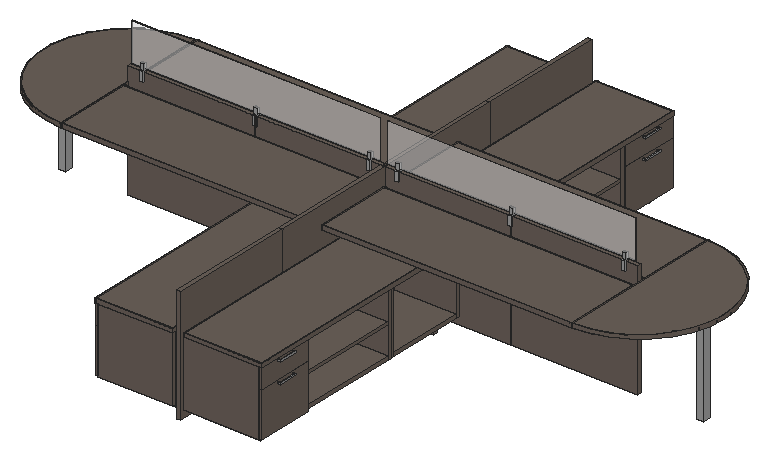
Revit family "STAKS002", category Furniture, Revit 2013 (continued)
Definition of nested family "FIRST OFFICE-STAKS-PEDESTALS-LOW HEIGHT W-I BEAM-16W TO 36W"
  Types (40): name | PARTIAL TOP | OPEN SHELF | OF SHELF | PULL 21 | PULL 22 | PULL 11 | PULL 1 | PULL 2 | PEDESTAL DEPTH | Model | FULL BASE | PARTIAL BASE | FULL TOP | FILE FRONT | Description | PEDESTAL WIDTH | DOOR RIGHT | DOOR LEFT | DIVIDER | TRAY FRONT
    FIRST OFFICE-STAKS-LOW HEIGHT 2-DOOR PED-W-I BEAM 24 X 19 | no | no | no | no | no | yes | no | no | 1' - 7 3/8" | "6-RL2419MPD4" | no | no | no | no | "24 X 19 2 DOOR LOW HEIGHT W-I BEAM PEDESTAL" | 2' - 0" | yes | yes | no | no
    FIRST OFFICE-STAKS-LOW HEIGHT 2-DOOR PED-W-I BEAM 24 X 22 | no | no | no | no | no | yes | no | no | 1' - 9 7/8" | "6-RL2422MPD4" | no | no | no | no | "24 X 22 2 DOOR LOW HEIGHT W-I BEAM PEDESTAL" | 2' - 0" | yes | yes | no | no
    FIRST OFFICE-STAKS-LOW HEIGHT 2-DOOR PED-W-I BEAM 30 X 19 | no | no | no | no | no | yes | no | no | 1' - 7 3/8" | "6-RL3019MPD4" | no | no | no | no | "30 X 19 2 DOOR LOW HEIGHT W-I BEAM PEDESTAL" | 2' - 6" | yes | yes | no | no
    FIRST OFFICE-STAKS-LOW HEIGHT 2-DOOR PED-W-I BEAM 30 X 22 | no | no | no | no | no | yes | no | no | 1' - 9 7/8" | "6-RL3022MPD4" | no | no | no | no | "30 X 22 2 DOOR LOW HEIGHT W-I BEAM PEDESTAL" | 2' - 6" | yes | yes | no | no
    FIRST OFFICE-STAKS-LOW HEIGHT 2-DOOR PED-W-I BEAM 36 X 19 | no | no | no | no | no | yes | no | no | 1' - 7 3/8" | "6-RL3619MPD4" | no | no | no | no | "36 X 19 2 DOOR LOW HEIGHT W-I BEAM PEDESTAL" | 3' - 0" | yes | yes | no | no
    FIRST OFFICE-STAKS-LOW HEIGHT 2-DOOR PED-W-I BEAM 36 X 22 | no | no | no | no | no | yes | no | no | 1' - 9 7/8" | "6-RL3622MPD4" | no | no | no | no | "36 X 22 2 DOOR LOW HEIGHT W-I BEAM PEDESTAL" | 3' - 0" | yes | yes | no | no
    FIRST OFFICE-STAKS-LOW HEIGHT SLIDING DOOR PED-W-I BEAM 24 X 19 | no | no | no | no | no | no | no | no | 1' - 7 3/8" | "6-RL2419MPD5" | no | no | no | no | "24 X 19 SLIDING DOOR LOW HEIGHT W-I BEAM PEDESTAL" | 2' - 0" | no | yes | yes | no
    FIRST OFFICE-STAKS-LOW HEIGHT SLIDING DOOR PED-W-I BEAM 24 X 22 | no | no | no | no | no | no | no | no | 1' - 9 7/8" | "6-RL2422MPD5" | no | no | no | no | "24 X 22 SLIDING DOOR LOW HEIGHT W-I BEAM PEDESTAL" | 2' - 0" | no | yes | yes | no
    FIRST OFFICE-STAKS-LOW HEIGHT SLIDING DOOR PED-W-I BEAM 30 X 19 | no | no | no | no | no | no | no | no | 1' - 7 3/8" | "6-RL3019MPD5" | no | no | no | no | "30 X 19 SLIDING DOOR LOW HEIGHT W-I BEAM PEDESTAL" | 2' - 6" | no | yes | yes | no
    FIRST OFFICE-STAKS-LOW HEIGHT SLIDING DOOR PED-W-I BEAM 30 X 22 | no | no | no | no | no | no | no | no | 1' - 9 7/8" | "6-RL3022MPD5" | no | no | no | no | "30 X 22 SLIDING DOOR LOW HEIGHT W-I BEAM PEDESTAL" | 2' - 6" | no | yes | yes | no
    FIRST OFFICE-STAKS-LOW HEIGHT SLIDING DOOR PED-W-I BEAM 36 X 19 | no | no | no | no | no | no | no | no | 1' - 7 3/8" | "6-RL3619MPD5" | no | no | no | no | "36 X 19 SLIDING DOOR LOW HEIGHT W-I BEAM PEDESTAL" | 3' - 0" | no | yes | yes | no
    FIRST OFFICE-STAKS-LOW HEIGHT SLIDING DOOR PED-W-I BEAM 36 X 22 | no | no | no | no | no | no | no | no | 1' - 9 7/8" | "6-RL3622MPD5" | no | no | no | no | "36 X 22 SLIDING DOOR LOW HEIGHT W-I BEAM PEDESTAL" | 3' - 0" | no | yes | yes | no
    FIRST OFFICE-STAKS-LOW HEIGHT OPEN SHELF PED-W-I BEAM 24 X 19 | yes | yes | no | no | no | no | no | no | 1' - 7 3/8" | "6-RL2419MPD6" | yes | no | no | no | "24 X 19 OPEN SHELF LOW HEIGHT W-I BEAM PEDESTAL" | 2' - 0" | no | no | no | no
    FIRST OFFICE-STAKS-LOW HEIGHT OPEN SHELF PED-W-I BEAM 24 X 21 | yes | yes | no | no | no | no | no | no | 1' - 9 7/8" | "6-RL2421MPD6" | yes | no | no | no | "24 X 21 OPEN SHELF LOW HEIGHT W-I BEAM PEDESTAL" | 2' - 0" | no | no | no | no
    FIRST OFFICE-STAKS-LOW HEIGHT OPEN SHELF PED-W-I BEAM 30 X 19 | yes | yes | no | no | no | no | no | no | 1' - 7 3/8" | "6-RL3019MPD6" | yes | no | no | no | "30 X 19 OPEN SHELF LOW HEIGHT W-I BEAM PEDESTAL" | 2' - 6" | no | no | no | no
    FIRST OFFICE-STAKS-LOW HEIGHT OPEN SHELF PED-W-I BEAM 30 X 21 | yes | yes | no | no | no | no | no | no | 1' - 9 7/8" | "6-RL3021MPD6" | yes | no | no | no | "30 X 21 OPEN SHELF LOW HEIGHT W-I BEAM PEDESTAL" | 2' - 6" | no | no | no | no
    FIRST OFFICE-STAKS-LOW HEIGHT OPEN SHELF PED-W-I BEAM 36 X 19 | yes | yes | no | no | no | no | no | no | 1' - 7 3/8" | "6-RL3619MPD6" | yes | no | no | no | "36 X 19 OPEN SHELF LOW HEIGHT W-I BEAM PEDESTAL" | 3' - 0" | no | no | no | no
    FIRST OFFICE-STAKS-LOW HEIGHT OPEN SHELF PED-W-I BEAM 36 X 21 | yes | yes | no | no | no | no | no | no | 1' - 9 7/8" | "6-RL3621MPD6" | yes | no | no | no | "36 X 21 OPEN SHELF LOW HEIGHT W-I BEAM PEDESTAL" | 3' - 0" | no | no | no | no
    FIRST OFFICE-STAKS-LOW HEIGHT OPEN PED-W-I BEAM 24 X 19 | yes | no | no | no | no | no | no | no | 1' - 7 3/8" | "6-RL2419MPD7" | yes | no | no | no | "24 X 19 OPEN LOW HEIGHT W-I BEAM PEDESTAL" | 2' - 0" | no | no | no | no
    FIRST OFFICE-STAKS-LOW HEIGHT OPEN PED-W-I BEAM 24 X 21 | yes | no | no | no | no | no | no | no | 1' - 9 7/8" | "6-RL2421MPD7" | yes | no | no | no | "24 X 21 OPEN LOW HEIGHT W-I BEAM PEDESTAL" | 2' - 0" | no | no | no | no
    FIRST OFFICE-STAKS-LOW HEIGHT OPEN PED-W-I BEAM 30 X 19 | yes | no | no | no | no | no | no | no | 1' - 7 3/8" | "6-RL3019MPD7" | yes | no | no | no | "30 X 19 OPEN LOW HEIGHT W-I BEAM PEDESTAL" | 2' - 6" | no | no | no | no
    FIRST OFFICE-STAKS-LOW HEIGHT OPEN PED-W-I BEAM 30 X 21 | yes | no | no | no | no | no | no | no | 1' - 9 7/8" | "6-RL3021MPD7" | yes | no | no | no | "30 X 21 OPEN LOW HEIGHT W-I BEAM PEDESTAL" | 2' - 6" | no | no | no | no
    FIRST OFFICE-STAKS-LOW HEIGHT OPEN PED-W-I BEAM 36 X 19 | yes | no | no | no | no | no | no | no | 1' - 7 3/8" | "6-RL3619MPD7" | yes | no | no | no | "36 X 19 OPEN LOW HEIGHT W-I BEAM PEDESTAL" | 3' - 0" | no | no | no | no
    FIRST OFFICE-STAKS-LOW HEIGHT OPEN PED-W-I BEAM 36 X 21 | yes | no | no | no | no | no | no | no | 1' - 9 7/8" | "6-RL3621MPD7" | yes | no | no | no | "36 X 21 OPEN LOW HEIGHT W-I BEAM PEDESTAL" | 3' - 0" | no | no | no | no
  Reference planes (in)
    plane 1: z = 0
    plane 2 "Center Left/Right": x = -0.02289
    plane 3 "Left": x = -8.33539
    plane 4 "Right": x = 8.28961
    plane 5 "CABINET FRONT": y = 1.37535
    plane 6 "PEDESTAL TOP": z = 21.375
    plane 7 "DRAWER FRONT": y = 0.62535
    plane 8: x = -8.27289
    plane 9: x = 8.22661
    plane 10: z = 3.0625
    plane 11: z = 21.25
    plane 12: z = 15.8125
    plane 13: z = 15.6875
    plane 14: z = 20.5
    plane 15: x = 7.53961
    plane 16: x = -7.58539
    plane 17 "BACK": y = 20.00035
    plane 18: y = 19.87535
    plane 19: x = -8.21039
    plane 20: x = 8.16461
    plane 21: x = -0.08539
    plane 22: x = 0.03961
    plane 23: x = -4.17914
    plane 24: x = 4.13311
    plane 25: x = -7.77289
    plane 26: x = 7.72711
    plane 27: z = 20.625
    plane 28: z = 3
  Forms (in)
    Extrusion 1, solid, material "STAKS FILE 2", visible <- "FILE FRONT"
      sketch origin (-0.02289, 5, -10.1802) x (0, 1, 0) y (0, 0, 1)
        loop
          line (-4.37465, 25.8677) -> (-4.37465, 13.2427) -> (-3.62465, 13.2427) -> (-3.62465, 25.8677) -> (-4.37465, 25.8677)
      from -8.25 to 8.2495
    Extrusion 2, solid, material "STAKS PEDESTAL", visible <- "PARTIAL TOP"
      sketch origin (0, -1.24965, 3) x (1, 0, 0) y (0, 0, 1)
        loop
          line (-8.33539, 0) -> (-7.58539, 0) -> (-7.58539, 18.25) -> (-8.33539, 18.25) -> (-8.33539, 0)
      from -21.25 to -2.625
    Extrusion 3, solid, material "STAKS SPACER", visible <- "PARTIAL TOP"
      sketch origin (0, 2.62535, 3) x (1, 0, 0) y (0, 0, 1)
        loop
          line (-8.21039, 18.375) -> (-8.21039, 18.25) -> (-7.58539, 18.25) -> (-7.58539, 18.375) -> (-8.21039, 18.375)
      from -17.25 to 1.25
    Extrusion 4, solid, material "STAKS PEDESTAL", visible <- "PARTIAL TOP"
      sketch origin (9, -1.24965, 3) x (1, 0, 0) y (0, 0, 1)
        loop
          line (-1.46039, 0) -> (-0.71039, 0) -> (-0.71039, 18.25) -> (-1.46039, 18.25) -> (-1.46039, 0)
      from -21.25 to -2.625
    Extrusion 5, solid, material "STAKS SPACER", visible <- "PARTIAL TOP"
      sketch origin (8.25, 2.62535, 3) x (1, 0, 0) y (0, 0, 1)
        loop
          line (-0.71039, 18.375) -> (-0.71039, 18.25) -> (-0.08539, 18.25) -> (-0.08539, 18.375) -> (-0.71039, 18.375)
      from -17.25 to 1.25
    Extrusion 6, solid, material "STAKS PEDESTAL", visible <- "PARTIAL TOP"
      sketch origin (0, 8.37535, 3) x (1, 0, 0) y (0, 0, 1)
        loop
          line (-7.58539, 18.25) -> (-7.58539, 17.5) -> (7.53961, 17.5) -> (7.53961, 18.25) -> (-7.58539, 18.25)
      from 0 to 4
    Extrusion 7, solid, material "STAKS SPACER", visible <- "PARTIAL TOP"
      sketch origin (11.97711, 7.39824, 3) x (0, 1, 0) y (0, 0, 1)
        loop
          line (-3.02289, 18.375) -> (-3.02289, 18.25) -> (-2.39789, 18.25) -> (-2.39789, 18.375) -> (-3.02289, 18.375)
      from -19.5625 to -4.4375
    Extrusion 8, solid, material "STAKS PEDESTAL", visible <- "PARTIAL TOP"
      sketch origin (0, 16.12535, 3) x (1, 0, 0) y (0, 0, 1)
        loop
          line (-7.58539, 18.25) -> (-7.58539, 17.5) -> (7.53961, 17.5) -> (7.53961, 18.25) -> (-7.58539, 18.25)
      from -0.87505 to 3.12495
    Extrusion 9, solid, material "STAKS SPACER", visible <- "PARTIAL TOP"
      sketch origin (11.97711, 15.14824, 3) x (0, 1, 0) y (0, 0, 1)
        loop
          line (-2.14784, 18.375) -> (-2.14784, 18.25) -> (-1.52284, 18.25) -> (-1.52284, 18.375) -> (-2.14784, 18.375)
      from -19.5625 to -4.4375
    Extrusion 10, solid, material "STAKS PEDESTAL", visible <- "FILE FRONT"
      sketch origin (0, 8.37535, -22) x (1, 0, 0) y (0, 0, 1)
        loop
          line (-7.58539, 25.75) -> (-7.58539, 25) -> (7.53961, 25) -> (7.53961, 25.75) -> (-7.58539, 25.75)
      from 2.15625 to 6.15625
    Extrusion 11, solid, material "STAKS PEDESTAL", visible <- "FILE FRONT"
      sketch origin (0, 16.12535, -22) x (1, 0, 0) y (0, 0, 1)
        loop
          line (-7.58539, 25.75) -> (-7.58539, 25) -> (7.53961, 25) -> (7.53961, 25.75) -> (-7.58539, 25.75)
      from -3.125 to 0.83013
    Extrusion 12, solid, material "STAKS BOX 2", visible <- "TRAY FRONT"
      sketch origin (-0.02289, 2.25, -4.68015) x (0, 1, 0) y (0, 0, 1)
        loop
          line (-1.62465, 26.05515) -> (-1.62465, 20.49265) -> (-0.87465, 20.49265) -> (-0.87465, 26.05515) -> (-1.62465, 26.05515)
      from -8.25 to 8.2495
    Extrusion 13, solid, material "STAKS SHELF", visible <- "OF SHELF"
      sketch origin (0, 1.87535, -9.75) x (1, 0, 0) y (0, 0, 1)
        loop
          line (-7.58539, 25.81245) -> (-7.58539, 25.06245) -> (7.53961, 25.06245) -> (7.53961, 25.81245) -> (-7.58539, 25.81245)
      from -17.375 to 0.5
    Extrusion 14, solid, material "STAKS PEDESTAL", visible <- "PARTIAL TOP"
      sketch origin (19.35211, 29.02324, 3) x (0, 1, 0) y (0, 0, 1)
        loop
          line (-9.77289, 0) -> (-9.02289, 0) -> (-9.02289, 18.25) -> (-9.77289, 18.25) -> (-9.77289, 0)
      from -26.9375 to -11.8125
    Extrusion 15, solid, material "STAKS PULL", visible <- "PULL 11"
      sketch origin (0, 0, 16.125) x (1, 0, 0) y (0, 1, 0)
        loop
          line (-6.89789, 0.62535) -> (-6.89789, -0.37465) -> (-1.46039, -0.37465) -> (-1.46039, 0.62535) -> (-1.83539, 0.62535) -> (-1.83539, -0.18715) -> (-6.52289, -0.18715) -> (-6.52289, 0.62535) -> (-6.89789, 0.62535)
      from 4.53125 to 5
    Extrusion 16, solid, material "STAKS PULL", visible <- "PULL 11"
      sketch origin (14.99975, 0, 16.125) x (1, 0, 0) y (0, 1, 0)
        loop
          line (-13.58539, 0.62535) -> (-13.58539, -0.37465) -> (-8.14789, -0.37465) -> (-8.14789, 0.62535) -> (-8.52289, 0.62535) -> (-8.52289, -0.18715) -> (-13.21039, -0.18715) -> (-13.21039, 0.62535) -> (-13.58539, 0.62535)
      from 4.53125 to 5
    Extrusion 17, solid, material "STAKS PEDESTAL", visible <- "DOOR LEFT"
      sketch origin (0, 10.87535, -22) x (1, 0, 0) y (0, 0, 1)
        loop
          line (-7.58539, 26) -> (-7.58539, 25) -> (7.53961, 25) -> (7.53961, 26) -> (-7.58539, 26)
      from -8.375 to 9.5
    Extrusion 18, solid, material "STAKS DOOR", visible <- "DOOR LEFT"
      sketch origin (-0.02289, -46.75, -3.43015) x (0, 1, 0) y (0, 0, 1)
        loop
          line (47.37535, 24.80515) -> (47.37535, 6.49265) -> (48.12535, 6.49265) -> (48.12535, 24.80515) -> (47.37535, 24.80515)
      from -8.25 to -0.0625
    Extrusion 19, solid, material "STAKS DOOR", visible <- "DOOR RIGHT"
      sketch origin (12.64895, -45.25, 2.81985) x (0, 1, 0) y (0, 0, 1)
        loop
          line (45.87535, 18.55515) -> (45.87535, 0.24265) -> (46.62535, 0.24265) -> (46.62535, 18.55515) -> (45.87535, 18.55515)
      from -12.60934 to -4.42234
    Extrusion 20, void
      sketch origin (-0.02289, 0, 3.1875) x (0, 1, 0) y (0, 0, 1)
        loop
          line (1.75035, 0.8125) -> (1.75035, 0.4375) -> (2.06285, 0.4375) -> (2.06285, 0.8125) -> (1.75035, 0.8125)
      from -7.5625 to 7.5625
    Extrusion 21, void
      sketch origin (-0.02289, 0, 28.875) x (0, 1, 0) y (0, 0, 1)
        loop
          line (1.75035, -8) -> (1.75035, -8.375) -> (2.06285, -8.375) -> (2.06285, -8) -> (1.75035, -8)
      from -7.5625 to 7.5625
    Extrusion 22, solid, material "STAKS PEDESTAL", visible <- "DOOR LEFT"
      sketch origin (6.01041, 13.62535, 2.01041) x (1, 0, 0) y (0, 0, 1)
        loop
          line (-13.5958, 19.23959) -> (-13.5958, 18.48959) -> (1.5292, 18.48959) -> (1.5292, 19.23959) -> (-13.5958, 19.23959)
      from -5.625 to 12.25
    Extrusion 23, solid, material "STAKS PEDESTAL", visible <- "DIVIDER"
      sketch origin (-2.625, -1.24965, 3) x (1, 0, 0) y (0, 0, 1)
        loop
          line (2.22711, 1) -> (2.97711, 1) -> (2.97711, 17.5) -> (2.22711, 17.5) -> (2.22711, 1)
      from -20.5 to -3.4375
    Extrusion 24, solid, material "STAKS SHELF", visible <- "OPEN SHELF"
      sketch origin (-12.75, 1.87535, -13.2499) x (1, 0, 0) y (0, 0, 1)
        loop
          line (5.16461, 25.81245) -> (5.16461, 25.06245) -> (20.28961, 25.06245) -> (20.28961, 25.81245) -> (5.16461, 25.81245)
      from -17.375 to 0.375
    Extrusion 25, solid, material "STAKS PEDESTAL", visible <- "FULL BASE"
      sketch origin (0, 10.87535, -20.25) x (1, 0, 0) y (0, 0, 1)
        loop
          line (-7.58539, 24.25) -> (-7.58539, 23.25) -> (7.53961, 23.25) -> (7.53961, 24.25) -> (-7.58539, 24.25)
      from -8.375 to 9.5
    Extrusion 26, solid, material "STAKS PULL", visible <- "PULL 1"
      sketch origin (9, 0, 16.125) x (1, 0, 0) y (0, 1, 0)
        loop
          line (-11.74164, 0.62535) -> (-11.74164, -0.37465) -> (-6.30414, -0.37465) -> (-6.30414, 0.62535) -> (-6.67914, 0.62535) -> (-6.67914, -0.18715) -> (-11.36664, -0.18715) -> (-11.36664, 0.62535) -> (-11.74164, 0.62535)
      from 4.53125 to 5
    Extrusion 27, solid, material "STAKS PEDESTAL", visible <- "FULL TOP"
      sketch origin (-3, -1.24965, 3) x (1, 0, 0) y (0, 0, 1)
        loop
          line (-5.33539, 0) -> (-4.58539, 0) -> (-4.58539, 18.375) -> (-5.33539, 18.375) -> (-5.33539, 0)
      from -21.25 to -2.625
    Extrusion 28, solid, material "STAKS PEDESTAL", visible <- "FULL TOP"
      sketch origin (10.75, -1.24965, 3) x (1, 0, 0) y (0, 0, 1)
        loop
          line (-3.21039, 0) -> (-2.46039, 0) -> (-2.46039, 18.375) -> (-3.21039, 18.375) -> (-3.21039, 0)
      from -21.25 to -2.625
    Extrusion 29, solid, material "STAKS PEDESTAL", visible <- "FULL TOP"
      sketch origin (19.35211, 31.02324, 3) x (0, 1, 0) y (0, 0, 1)
        loop
          line (-11.77289, 0) -> (-11.02289, 0) -> (-11.02289, 18.375) -> (-11.77289, 18.375) -> (-11.77289, 0)
      from -26.9375 to -11.8125
    Extrusion 30, solid, material "STAKS PEDESTAL", visible <- "FULL TOP"
      sketch origin (6.01041, 13.62535, 0.26041) x (1, 0, 0) y (0, 0, 1)
        loop
          line (-13.5958, 21.11459) -> (-13.5958, 20.36459) -> (1.5292, 20.36459) -> (1.5292, 21.11459) -> (-13.5958, 21.11459)
      from -5.625 to 12.25
    Extrusion 31, solid, material "STAKS PEDESTAL", visible <- "DOOR LEFT"
      sketch origin (-4.41171, -1.24965, 3) x (1, 0, 0) y (0, 0, 1)
        loop
          line (-3.92368, 0) -> (-3.17368, 0) -> (-3.17368, 18.375) -> (-3.92368, 18.375) -> (-3.92368, 0)
      from -21.25 to -2.625
    Extrusion 32, solid, material "STAKS PEDESTAL", visible <- "DOOR LEFT"
      sketch origin (14.83712, -1.24965, 3) x (1, 0, 0) y (0, 0, 1)
        loop
          line (-7.2975, 0) -> (-6.5475, 0) -> (-6.5475, 18.375) -> (-7.2975, 18.375) -> (-7.2975, 0)
      from -21.25 to -2.625
    Extrusion 33, solid, material "STAKS PEDESTAL", visible <- "DOOR LEFT"
      sketch origin (19.35211, 32.05869, 3) x (0, 1, 0) y (0, 0, 1)
        loop
          line (-12.80835, 0) -> (-12.05835, 0) -> (-12.05835, 18.375) -> (-12.80835, 18.375) -> (-12.80835, 0)
      from -26.9375 to -11.8125
    Extrusion 34, solid, material "STAKS PULL", visible <- "PULL 2"
      sketch origin (9, 0, 10.4375) x (1, 0, 0) y (0, 1, 0)
        loop
          line (-11.74164, 0.62535) -> (-11.74164, -0.37465) -> (-6.30414, -0.37465) -> (-6.30414, 0.62535) -> (-6.67914, 0.62535) -> (-6.67914, -0.18715) -> (-11.36664, -0.18715) -> (-11.36664, 0.62535) -> (-11.74164, 0.62535)
      from 4.53125 to 5
    Extrusion 35, solid, material "STAKS PULL", visible <- "PULL 22"
      sketch origin (9, 0, 10.4375) x (1, 0, 0) y (0, 1, 0)
        loop
          line (-16.77289, 0.62535) -> (-16.77289, -0.37465) -> (-1.27289, -0.37465) -> (-1.27289, 0.62535) -> (-1.64789, 0.62535) -> (-1.64789, -0.18715) -> (-16.39789, -0.18715) -> (-16.39789, 0.62535) -> (-16.77289, 0.62535)
      from 4.53125 to 5
    Extrusion 36, solid, material "STAKS PULL", visible <- "PULL 21"
      sketch origin (9, 0, 16.125) x (1, 0, 0) y (0, 1, 0)
        loop
          line (-16.77289, 0.62535) -> (-16.77289, -0.37465) -> (-1.27289, -0.37465) -> (-1.27289, 0.62535) -> (-1.64789, 0.62535) -> (-1.64789, -0.18715) -> (-16.39789, -0.18715) -> (-16.39789, 0.62535) -> (-16.77289, 0.62535)
      from 4.53125 to 5
  Cuts and joins
    Extrusion 20, Extrusion 21 cuts Extrusion 17
    Extrusion 21 cuts Extrusion 22
  Lines and regions (in)
    Masking region 1, visible <- "FILE FRONT"
      outline origin (0, 0, 0) x (1, 0, 0) y (0, 1, 0)
        loop
          line (-8.27289, 1.37535) -> (-8.27289, 0.62535) -> (8.22661, 0.62535) -> (8.22661, 1.37535) -> (-8.27289, 1.37535)
    Masking region 2
      outline origin (0, 0, 0) x (1, 0, 0) y (0, 1, 0)
        loop
          line (-8.33539, 1.37535) -> (8.28961, 1.37535) -> (8.28961, 20.00035) -> (-8.33539, 20.00035) -> (-8.33539, 1.37535)
    Masking region 3, visible <- "PULL 11"
      outline origin (-6, 0, 0) x (1, 0, 0) y (0, 1, 0)
        loop
          line (-0.89789, 0.62535) -> (-0.89789, -0.37465) -> (4.53961, -0.37465) -> (4.53961, 0.62535) -> (4.16461, 0.62535) -> (4.16461, -0.18715) -> (-0.52289, -0.18715) -> (-0.52289, 0.62535) -> (-0.89789, 0.62535)
    Masking region 4, visible <- "PULL 11"
      outline origin (8.99975, 0, 0) x (1, 0, 0) y (0, 1, 0)
        loop
          line (-7.58539, 0.62535) -> (-7.58539, -0.37465) -> (-2.14789, -0.37465) -> (-2.14789, 0.62535) -> (-2.52289, 0.62535) -> (-2.52289, -0.18715) -> (-7.21039, -0.18715) -> (-7.21039, 0.62535) -> (-7.58539, 0.62535)
    Masking region 5, visible <- "DOOR LEFT"
      outline origin (0, 0, 0) x (1, 0, 0) y (0, 1, 0)
        loop
          line (-8.27289, 1.37535) -> (-8.27289, 0.62535) -> (-0.08539, 0.62535) -> (-0.08539, 1.37535) -> (-8.27289, 1.37535)
    Masking region 6, visible <- "DOOR RIGHT"
      outline origin (0, 0, 0) x (1, 0, 0) y (0, 1, 0)
        loop
          line (0.03961, 1.37535) -> (0.03961, 0.62535) -> (8.22661, 0.62535) -> (8.22661, 1.37535) -> (0.03961, 1.37535)
    Masking region 7, visible <- "PULL 22"
      outline origin (0, 0, 0) x (1, 0, 0) y (0, 1, 0)
        loop
          line (-7.77289, 0.62535) -> (-7.77289, -0.37465) -> (7.72711, -0.37465) -> (7.72711, 0.62535) -> (7.35211, 0.62535) -> (7.35211, -0.18715) -> (-7.39789, -0.18715) -> (-7.39789, 0.62535) -> (-7.77289, 0.62535)
    Masking region 8, visible <- "PULL 2"
      outline origin (0, 0, 0) x (1, 0, 0) y (0, 1, 0)
        loop
          line (-2.74164, 0.62535) -> (-2.74164, -0.37465) -> (2.69586, -0.37465) -> (2.69586, 0.62535) -> (2.32086, 0.62535) -> (2.32086, -0.18715) -> (-2.36664, -0.18715) -> (-2.36664, 0.62535) -> (-2.74164, 0.62535)
  Dimensions and locks (in)
    locked: plane 7 "DRAWER FRONT" to plane 5 "CABINET FRONT" at 0.75
    "PEDESTAL WIDTH": plane 3 "Left" to plane 4 "Right"
    equal spacing: plane 3 "Left", plane 2 "Center Left/Right", plane 4 "Right"
    locked: plane 3 "Left" to plane 8 at 0.0625
    locked: plane 9 to plane 4 "Right" at 0.063
    locked: plane 6 "PEDESTAL TOP" to plane 11 at 0.125
    locked: plane 12 to plane 13 at 0.125
    "PEDESTAL DEPTH": plane 17 "BACK" to plane 7 "DRAWER FRONT"
    locked: plane 11 to plane 14 at 0.75
    locked: plane 3 "Left" to plane 16 at 0.75
    locked: plane 15 to plane 4 "Right" at 0.75
    locked: plane 18 to plane 17 "BACK" at 0.125
    locked: plane 3 "Left" to plane 19 at 0.125
    locked: plane 20 to plane 4 "Right" at 0.125
    locked: plane 5 "CABINET FRONT" to Extrusion 6 at 3
    locked: Extrusion 6 to Extrusion 6 at 4
    locked: Extrusion 8 to Extrusion 8 at 4
    locked: Extrusion 8 to plane 18 at 2.87495
    locked: Extrusion 10 to Extrusion 10 at 4
    Extrusion 11 to Extrusion 11 = 0' - 3.95513"
    locked: Extrusion 11 to plane 18 at 0.625
    locked: plane 21 to plane 2 "Center Left/Right" at 0.0625
    locked: plane 2 "Center Left/Right" to plane 22 at 0.0625
    equal spacing: plane 8, plane 23, plane 21
    equal spacing: plane 22, plane 24, plane 9
    Masking region 3 to plane 23 to Masking region 3 = 0' - 2 23/32" locked, 0' - 2 23/32" locked
    Extrusion 16 to plane 24 to Extrusion 16 = 0' - 2 23/32" locked, 0' - 2 23/32" locked
    plane 25 to plane 2 "Center Left/Right" to plane 26 = 0' - 7 3/4" locked, 0' - 7 3/4" locked
    locked: cut or joined group of Extrusion 21, Extrusion 22 to Extrusion 23 at 0.125
    equal spacing: Extrusion 23, plane 2 "Center Left/Right", Extrusion 23, locked at 0.375 each
    locked: Extrusion 24 to Extrusion 2 at 0.125
    locked: plane 6 "PEDESTAL TOP" to plane 27 at 0.75
    Extrusion 26 to plane 2 "Center Left/Right" to Extrusion 26 = 0' - 2 23/32" locked, 0' - 2 23/32" locked
    Extrusion 34 to Extrusion 34 = 0' - 5 7/16"
    locked: Extrusion 25 to plane 28 at 1
    locked: Extrusion 11 to plane 28 at 0.75
    locked: plane 10 to plane 28 at 0.0625
    aligned and locked: level to plane 1
    aligned and locked: Extrusion 1 sketch curve to plane 10
    aligned and locked: plane 13 to Extrusion 1 sketch curve
    aligned and locked: Extrusion 2 to plane 17 "BACK"
    aligned and locked: plane 5 "CABINET FRONT" to Extrusion 2
    aligned and locked: Extrusion 1 to plane 10
    aligned: Extrusion 2 to plane 1
    aligned and locked: Extrusion 1 to plane 8
    aligned and locked: plane 16 to Extrusion 2
    aligned and locked: plane 9 to Extrusion 1
    aligned and locked: plane 13 to Extrusion 1
    aligned and locked: Extrusion 3 to plane 18
    aligned and locked: plane 16 to Extrusion 3
    aligned and locked: plane 5 "CABINET FRONT" to Extrusion 3
    aligned and locked: Extrusion 3 to plane 19
    aligned and locked: plane 4 "Right" to Extrusion 4
    aligned and locked: Extrusion 4 to plane 15
    aligned and locked: plane 20 to Extrusion 5
    aligned and locked: Extrusion 5 to plane 15
    aligned and locked: Extrusion 6 sketch curve to plane 16
    aligned and locked: Extrusion 6 sketch curve to plane 14
    aligned and locked: plane 15 to Extrusion 6 sketch curve
    aligned and locked: plane 11 to Extrusion 6 sketch curve
    aligned and locked: Extrusion 7 to plane 16
    aligned and locked: plane 15 to Extrusion 7
    aligned and locked: Extrusion 6 to Extrusion 7
    aligned and locked: Extrusion 4 to plane 17 "BACK"
    aligned and locked: Extrusion 5 to plane 18
    aligned and locked: Extrusion 8 to Extrusion 9
    aligned and locked: Extrusion 10 to Extrusion 11
    aligned: Extrusion 11 to Extrusion 10
    aligned: Extrusion 11 to plane 1
    aligned and locked: Extrusion 12 to plane 12
    aligned and locked: Extrusion 9 to plane 16
    aligned and locked: plane 15 to Extrusion 9
    aligned and locked: Extrusion 12 to plane 5 "CABINET FRONT"
    aligned and locked: plane 7 "DRAWER FRONT" to Extrusion 12
    aligned and locked: plane 9 to Extrusion 12
    aligned and locked: Extrusion 12 to plane 8
    aligned and locked: plane 5 "CABINET FRONT" to Extrusion 13
    aligned and locked: Extrusion 13 to Extrusion 11
    aligned and locked: Extrusion 14 to plane 16
    aligned and locked: plane 15 to Extrusion 14
    aligned and locked: Extrusion 14 to Extrusion 13
    aligned and locked: Extrusion 14 to plane 17 "BACK"
    aligned and locked: Masking region 3 to Extrusion 15  (x2)
    aligned and locked: Masking region 4 to Extrusion 16  (x2)
    aligned and locked: Extrusion 17 to Extrusion 14
    aligned and locked: plane 5 "CABINET FRONT" to Extrusion 17
    aligned and locked: Extrusion 18 to plane 8
    aligned and locked: plane 9 to Extrusion 19
    aligned and locked: Extrusion 19 to plane 22
    aligned and locked: plane 21 to Extrusion 18
    aligned and locked: Extrusion 18 to plane 10
    aligned and locked: Extrusion 19 to plane 10
    aligned: plane 11 to Extrusion 19
    aligned: plane 11 to Extrusion 18
    aligned and locked: Extrusion 18 to plane 5 "CABINET FRONT"
    aligned and locked: Extrusion 19 to plane 5 "CABINET FRONT"
    aligned and locked: plane 7 "DRAWER FRONT" to Extrusion 18
    aligned and locked: plane 7 "DRAWER FRONT" to Extrusion 19
    aligned and locked: Extrusion 21 to plane 16
    aligned and locked: plane 15 to Extrusion 21
    aligned and locked: plane 15 to cut or joined group of Extrusion 17, Extrusion 20, Extrusion 21
    aligned and locked: cut or joined group of Extrusion 17, Extrusion 20, Extrusion 21 to plane 16
    aligned and locked: plane 11 to Extrusion 22
    aligned and locked: Extrusion 22 to plane 14
    aligned and locked: Extrusion 22 to Extrusion 14
    aligned and locked: plane 5 "CABINET FRONT" to Extrusion 22
    aligned and locked: cut or joined group of Extrusion 21, Extrusion 22 to plane 16
    aligned and locked: plane 15 to cut or joined group of Extrusion 21, Extrusion 22
    aligned and locked: plane 14 to Extrusion 23
    aligned and locked: Extrusion 23 to cut or joined group of Extrusion 17, Extrusion 20, Extrusion 21
    aligned and locked: cut or joined group of Extrusion 21, Extrusion 22 to Extrusion 23
    aligned and locked: Extrusion 24 to plane 16
    aligned and locked: plane 15 to Extrusion 24
    aligned and locked: Extrusion 24 to Extrusion 14
    aligned: cut or joined group of Extrusion 17, Extrusion 20, Extrusion 21 to plane 1
    aligned and locked: Extrusion 25 to Extrusion 14
    aligned and locked: Extrusion 1 to plane 5 "CABINET FRONT"
    aligned: Extrusion 25 to plane 1
    aligned and locked: Extrusion 25 to cut or joined group of Extrusion 17, Extrusion 20, Extrusion 21
    aligned and locked: Extrusion 30 to Extrusion 14
    aligned and locked: plane 5 "CABINET FRONT" to Extrusion 30
    aligned and locked: Extrusion 30 to plane 16
    aligned and locked: plane 15 to Extrusion 30
    aligned and locked: plane 6 "PEDESTAL TOP" to Extrusion 30
    aligned and locked: Extrusion 30 to plane 27
    aligned: Extrusion 28 to plane 1
    aligned and locked: plane 6 "PEDESTAL TOP" to Extrusion 28
    aligned and locked: plane 6 "PEDESTAL TOP" to Extrusion 27
    aligned: Extrusion 27 to plane 1
    aligned: Extrusion 29 to plane 1
    aligned and locked: plane 6 "PEDESTAL TOP" to Extrusion 29
    aligned and locked: Extrusion 28 to plane 17 "BACK"
    aligned and locked: plane 5 "CABINET FRONT" to Extrusion 28
    aligned and locked: plane 5 "CABINET FRONT" to Extrusion 27
    aligned and locked: Extrusion 27 to plane 17 "BACK"
    aligned and locked: Extrusion 29 to plane 16
    aligned and locked: plane 15 to Extrusion 29
    aligned and locked: Extrusion 28 to plane 15
    aligned and locked: plane 4 "Right" to Extrusion 28
    aligned and locked: plane 16 to Extrusion 27
    aligned and locked: Extrusion 27 to plane 3 "Left"
    aligned and locked: Extrusion 29 to Extrusion 30
    aligned and locked: Extrusion 29 to plane 17 "BACK"
    aligned and locked: plane 6 "PEDESTAL TOP" to Extrusion 18
    aligned and locked: plane 6 "PEDESTAL TOP" to Extrusion 19
    aligned and locked: plane 6 "PEDESTAL TOP" to Extrusion 12
    aligned and locked: plane 6 "PEDESTAL TOP" to Extrusion 31
    aligned: Extrusion 31 to plane 1
    aligned: Extrusion 32 to plane 1
    aligned and locked: plane 6 "PEDESTAL TOP" to Extrusion 32
    aligned and locked: plane 6 "PEDESTAL TOP" to Extrusion 33
    aligned: Extrusion 33 to plane 1
    aligned and locked: plane 5 "CABINET FRONT" to Extrusion 31
    aligned and locked: plane 5 "CABINET FRONT" to Extrusion 32
    aligned and locked: Extrusion 32 to plane 17 "BACK"
    aligned and locked: plane 15 to Extrusion 33
    aligned and locked: Extrusion 33 to plane 16
    aligned and locked: Extrusion 31 to plane 17 "BACK"
    aligned and locked: plane 16 to Extrusion 31
    aligned and locked: Extrusion 33 to Extrusion 30
    aligned and locked: Extrusion 33 to plane 17 "BACK"
    aligned and locked: Extrusion 32 to plane 15
    aligned and locked: plane 4 "Right" to Extrusion 32
    aligned and locked: Extrusion 26 to Extrusion 34
    aligned and locked: Extrusion 34 to Extrusion 26
    aligned and locked: Extrusion 35 to plane 25
    aligned and locked: plane 26 to Extrusion 35
    aligned and locked: Extrusion 29 to plane 28
    aligned and locked: Extrusion 11 to plane 28
    aligned and locked: Extrusion 10 to plane 28
    aligned and locked: Extrusion 33 to plane 28
    aligned and locked: Extrusion 25 to plane 28
    aligned and locked: Extrusion 31 to plane 28
    aligned and locked: Extrusion 28 to plane 28
    aligned and locked: Extrusion 27 to plane 28
    aligned and locked: Extrusion 2 to plane 28
    aligned and locked: cut or joined group of Extrusion 17, Extrusion 20, Extrusion 21 to plane 28
    aligned and locked: Extrusion 32 to plane 28
  Automatic sketch dimensions
    Extrusion 1 sketch curve to plane 7 "DRAWER FRONT" = 0' - 0"
    Extrusion 1 sketch curve to plane 5 "CABINET FRONT" = 0' - 0"
    level to Extrusion 2 sketch curve = 0' - 3"
    Extrusion 2 sketch curve to plane 3 "Left" = 0' - 0"
    Extrusion 2 sketch curve to plane 11 = 0' - 0"
    Extrusion 2 sketch curve to plane 16 = 0' - 0"
    Extrusion 3 sketch curve to plane 11 = 0' - 0"
    Extrusion 3 sketch curve to plane 19 = 0' - 0"
    Extrusion 3 sketch curve to plane 6 "PEDESTAL TOP" = 0' - 0"
    Extrusion 3 sketch curve to plane 16 = 0' - 0"
    level to Extrusion 4 sketch curve = 0' - 3"
    Extrusion 4 sketch curve to plane 15 = 0' - 0"
    Extrusion 4 sketch curve to plane 4 "Right" = 0' - 0"
    Extrusion 4 sketch curve to plane 11 = 0' - 0"
    Extrusion 5 sketch curve to plane 11 = 0' - 0"
    Extrusion 5 sketch curve to plane 15 = 0' - 0"
    Extrusion 5 sketch curve to plane 6 "PEDESTAL TOP" = 0' - 0"
    Extrusion 5 sketch curve to plane 20 = 0' - 0"
    Extrusion 7 sketch curve to plane 11 = 0' - 0"
    Extrusion 7 sketch curve to plane 6 "PEDESTAL TOP" = 0' - 0"
    Extrusion 7 sketch curve to plane 5 "CABINET FRONT" = 0' - 3"
    Extrusion 7 sketch curve to Extrusion 7 sketch curve = 0' - 0 5/8"
    Extrusion 8 sketch curve to plane 14 = 0' - 0"
    Extrusion 8 sketch curve to plane 16 = 0' - 0"
    Extrusion 8 sketch curve to plane 11 = 0' - 0"
    Extrusion 8 sketch curve to plane 15 = 0' - 0"
    Extrusion 9 sketch curve to plane 11 = 0' - 0"
    Extrusion 9 sketch curve to plane 6 "PEDESTAL TOP" = 0' - 0"
    plane 18 to Extrusion 9 sketch curve = 0' - 6.87495"
    Extrusion 9 sketch curve to Extrusion 9 sketch curve = 0' - 0 5/8"
    level to Extrusion 10 sketch curve = 0' - 3"
    Extrusion 10 sketch curve to plane 16 = 0' - 0"
    Extrusion 10 sketch curve to plane 15 = 0' - 0"
    plane 10 to Extrusion 10 sketch curve = 0' - 0 11/16"
    level to Extrusion 11 sketch curve = 0' - 3"
    Extrusion 11 sketch curve to plane 16 = 0' - 0"
    Extrusion 11 sketch curve to plane 15 = 0' - 0"
    plane 10 to Extrusion 11 sketch curve = 0' - 0 11/16"
    Extrusion 12 sketch curve to plane 6 "PEDESTAL TOP" = 0' - 0"
    Extrusion 12 sketch curve to plane 7 "DRAWER FRONT" = 0' - 0"
    Extrusion 12 sketch curve to plane 5 "CABINET FRONT" = 0' - 0"
    Extrusion 12 sketch curve to plane 12 = 0' - 0"
    Extrusion 13 sketch curve to plane 16 = 0' - 0"
    Extrusion 13 sketch curve to plane 15 = 0' - 0"
    Extrusion 13 sketch curve to plane 13 = 0' - 0.37505"
    plane 12 to Extrusion 13 sketch curve = 0' - 0.24995"
    level to Extrusion 14 sketch curve = 0' - 3"
    Extrusion 14 sketch curve to plane 11 = 0' - 0"
    Extrusion 14 sketch curve to plane 17 "BACK" = 0' - 0"
    plane 18 to Extrusion 14 sketch curve = 0' - 0 5/8"
    plane 7 "DRAWER FRONT" to Masking region 1 sketch curve = 0' - 0"
    Masking region 1 sketch curve to plane 8 = 0' - 0"
    plane 5 "CABINET FRONT" to Masking region 1 sketch curve = 0' - 0"
    Masking region 1 sketch curve to plane 9 = 0' - 0"
    Masking region 2 sketch curve to plane 3 "Left" = 0' - 0"
    Masking region 2 sketch curve to plane 4 "Right" = 0' - 0"
    plane 5 "CABINET FRONT" to Masking region 2 sketch curve = 0' - 0"
    plane 17 "BACK" to Masking region 2 sketch curve = 0' - 0"
    plane 7 "DRAWER FRONT" to Masking region 3 sketch curve = 0' - 0"  (x2)
    plane 25 to Masking region 3 sketch curve = 0' - 0 7/8"
    Masking region 3 sketch curve to Masking region 3 sketch curve = 0' - 0 3/8"  (x2)
    plane 7 "DRAWER FRONT" to Masking region 3 sketch curve = 0' - 0 13/16"
    plane 23 to Masking region 3 sketch curve = 0' - 2 11/32"
    Masking region 3 sketch curve to Masking region 3 sketch curve = 0' - 0 3/16"
    plane 7 "DRAWER FRONT" to Extrusion 15 sketch curve = 0' - 0"  (x2)
    plane 25 to Extrusion 15 sketch curve = 0' - 0 7/8"
    Extrusion 15 sketch curve to Extrusion 15 sketch curve = 0' - 0 3/8"  (x2)
    plane 7 "DRAWER FRONT" to Extrusion 15 sketch curve = 0' - 0 13/16"
    plane 23 to Extrusion 15 sketch curve = 0' - 2 11/32"
    Extrusion 15 sketch curve to Extrusion 15 sketch curve = 0' - 0 3/16"
    plane 7 "DRAWER FRONT" to Masking region 4 sketch curve = 0' - 0"  (x2)
    Masking region 4 sketch curve to plane 24 = 0' - 2 23/32"
    Masking region 4 sketch curve to Masking region 4 sketch curve = 0' - 0 3/8"  (x2)
    Masking region 4 sketch curve to plane 26 = 0' - 1.25025"
    Masking region 4 sketch curve to Masking region 4 sketch curve = 0' - 0 13/16"
    Masking region 4 sketch curve to Masking region 4 sketch curve = 0' - 0 3/16"
    plane 7 "DRAWER FRONT" to Extrusion 16 sketch curve = 0' - 0"  (x2)
    Extrusion 16 sketch curve to plane 24 = 0' - 2 23/32"
    Extrusion 16 sketch curve to Extrusion 16 sketch curve = 0' - 0 3/8"  (x2)
    Extrusion 16 sketch curve to plane 26 = 0' - 1.25025"
    Extrusion 16 sketch curve to Extrusion 16 sketch curve = 0' - 0 13/16"
    Extrusion 16 sketch curve to Extrusion 16 sketch curve = 0' - 0 3/16"
    level to Extrusion 17 sketch curve = 0' - 3"
    Extrusion 17 sketch curve to plane 16 = 0' - 0"
    Extrusion 17 sketch curve to plane 15 = 0' - 0"
    plane 10 to Extrusion 17 sketch curve = 0' - 0 15/16"
    Extrusion 18 sketch curve to plane 6 "PEDESTAL TOP" = 0' - 0"
    Extrusion 18 sketch curve to plane 7 "DRAWER FRONT" = 0' - 0"
    Extrusion 18 sketch curve to plane 5 "CABINET FRONT" = 0' - 0"
    Extrusion 18 sketch curve to plane 10 = 0' - 0"
    Extrusion 19 sketch curve to plane 6 "PEDESTAL TOP" = 0' - 0"
    Extrusion 19 sketch curve to plane 7 "DRAWER FRONT" = 0' - 0"
    Extrusion 19 sketch curve to plane 5 "CABINET FRONT" = 0' - 0"
    Extrusion 19 sketch curve to plane 10 = 0' - 0"
    plane 7 "DRAWER FRONT" to Masking region 5 sketch curve = 0' - 0"
    Masking region 5 sketch curve to plane 8 = 0' - 0"
    plane 5 "CABINET FRONT" to Masking region 5 sketch curve = 0' - 0"
    Masking region 5 sketch curve to plane 21 = 0' - 0"
    Extrusion 20 sketch curve to plane 5 "CABINET FRONT" = 0' - 0 3/8"
    Extrusion 20 sketch curve to Extrusion 20 sketch curve = 0' - 0 5/16"
    plane 10 to Extrusion 20 sketch curve = 0' - 0 9/16"
    Extrusion 20 sketch curve to Extrusion 20 sketch curve = 0' - 0 3/8"
    Extrusion 21 sketch curve to plane 14 = 0' - 0"
    Extrusion 21 sketch curve to plane 5 "CABINET FRONT" = 0' - 0 3/8"
    Extrusion 21 sketch curve to Extrusion 21 sketch curve = 0' - 0 5/16"
    plane 27 to Extrusion 21 sketch curve = 0' - 0 1/4"
    Extrusion 22 sketch curve to plane 14 = 0' - 0"
    Extrusion 22 sketch curve to plane 16 = 0' - 0"
    Extrusion 22 sketch curve to plane 11 = 0' - 0"
    Extrusion 22 sketch curve to plane 15 = 0' - 0"
    Extrusion 23 sketch curve to plane 14 = 0' - 0"
    Extrusion 23 sketch curve to plane 21 = 0' - 0 5/16"
    plane 22 to Extrusion 23 sketch curve = 0' - 0 5/16"
    plane 10 to Extrusion 23 sketch curve = 0' - 0 15/16"
    Extrusion 24 sketch curve to plane 16 = 0' - 0"
    Extrusion 24 sketch curve to plane 15 = 0' - 0"
    Extrusion 24 sketch curve to plane 13 = 0' - 3.87495"
    Extrusion 24 sketch curve to Extrusion 24 sketch curve = 0' - 0 3/4"
    level to Extrusion 25 sketch curve = 0' - 3"
    Extrusion 25 sketch curve to plane 16 = 0' - 0"
    Extrusion 25 sketch curve to plane 15 = 0' - 0"
    plane 10 to Extrusion 25 sketch curve = 0' - 0 15/16"
    plane 7 "DRAWER FRONT" to Masking region 6 sketch curve = 0' - 0"
    Masking region 6 sketch curve to plane 22 = 0' - 0"
    plane 5 "CABINET FRONT" to Masking region 6 sketch curve = 0' - 0"
    Masking region 6 sketch curve to plane 9 = 0' - 0"
    plane 7 "DRAWER FRONT" to Extrusion 26 sketch curve = 0' - 0"  (x2)
    Extrusion 26 sketch curve to plane 21 = 0' - 2 21/32"
    Extrusion 26 sketch curve to Extrusion 26 sketch curve = 0' - 0 3/8"  (x2)
    plane 7 "DRAWER FRONT" to Extrusion 26 sketch curve = 0' - 0 13/16"
    plane 22 to Extrusion 26 sketch curve = 0' - 2 9/32"
    Extrusion 26 sketch curve to Extrusion 26 sketch curve = 0' - 0 3/16"
    level to Extrusion 27 sketch curve = 0' - 3"
    Extrusion 27 sketch curve to plane 3 "Left" = 0' - 0"
    Extrusion 27 sketch curve to plane 6 "PEDESTAL TOP" = 0' - 0"
    Extrusion 27 sketch curve to plane 16 = 0' - 0"
    level to Extrusion 28 sketch curve = 0' - 3"
    Extrusion 28 sketch curve to plane 15 = 0' - 0"
    Extrusion 28 sketch curve to plane 4 "Right" = 0' - 0"
    Extrusion 28 sketch curve to plane 6 "PEDESTAL TOP" = 0' - 0"
    level to Extrusion 29 sketch curve = 0' - 3"
    Extrusion 29 sketch curve to plane 6 "PEDESTAL TOP" = 0' - 0"
    Extrusion 29 sketch curve to plane 17 "BACK" = 0' - 0"
    plane 18 to Extrusion 29 sketch curve = 0' - 0 5/8"
    Extrusion 30 sketch curve to plane 16 = 0' - 0"
    Extrusion 30 sketch curve to plane 6 "PEDESTAL TOP" = 0' - 0"
    Extrusion 30 sketch curve to plane 15 = 0' - 0"
    Extrusion 30 sketch curve to plane 27 = 0' - 0"
    level to Extrusion 31 sketch curve = 0' - 3"
    Extrusion 31 sketch curve to plane 3 "Left" = 0' - 0"
    Extrusion 31 sketch curve to plane 6 "PEDESTAL TOP" = 0' - 0"
    Extrusion 31 sketch curve to plane 16 = 0' - 0"
    level to Extrusion 32 sketch curve = 0' - 3"
    Extrusion 32 sketch curve to plane 15 = 0' - 0"
    Extrusion 32 sketch curve to plane 4 "Right" = 0' - 0"
    Extrusion 32 sketch curve to plane 6 "PEDESTAL TOP" = 0' - 0"
    level to Extrusion 33 sketch curve = 0' - 3"
    Extrusion 33 sketch curve to plane 6 "PEDESTAL TOP" = 0' - 0"
    Extrusion 33 sketch curve to plane 17 "BACK" = 0' - 0"
    plane 18 to Extrusion 33 sketch curve = 0' - 0 5/8"
    plane 7 "DRAWER FRONT" to Extrusion 34 sketch curve = 0' - 0"  (x2)
    Extrusion 34 sketch curve to plane 21 = 0' - 2 21/32"
    Extrusion 34 sketch curve to Extrusion 34 sketch curve = 0' - 0 3/8"  (x2)
    plane 7 "DRAWER FRONT" to Extrusion 34 sketch curve = 0' - 0 13/16"
    plane 22 to Extrusion 34 sketch curve = 0' - 2 9/32"
    Extrusion 34 sketch curve to Extrusion 34 sketch curve = 0' - 0 3/16"
    plane 7 "DRAWER FRONT" to Extrusion 35 sketch curve = 0' - 0"  (x2)
    Extrusion 35 sketch curve to plane 25 = 0' - 0"
    Extrusion 35 sketch curve to plane 26 = 0' - 0"
    plane 25 to Extrusion 35 sketch curve = 0' - 0 3/8"
    Extrusion 35 sketch curve to plane 26 = 0' - 0 3/8"
    Extrusion 35 sketch curve to Extrusion 35 sketch curve = 0' - 0 13/16"
    Extrusion 35 sketch curve to Extrusion 35 sketch curve = 0' - 0 3/16"
    plane 7 "DRAWER FRONT" to Extrusion 36 sketch curve = 0' - 0"  (x2)
    Extrusion 36 sketch curve to plane 25 = 0' - 0"
    Extrusion 36 sketch curve to plane 26 = 0' - 0"
    plane 25 to Extrusion 36 sketch curve = 0' - 0 3/8"
    Extrusion 36 sketch curve to plane 26 = 0' - 0 3/8"
    Extrusion 36 sketch curve to Extrusion 36 sketch curve = 0' - 0 13/16"
    Extrusion 36 sketch curve to Extrusion 36 sketch curve = 0' - 0 3/16"
    Masking region 7 sketch curve to plane 25 = 0' - 0"
    plane 7 "DRAWER FRONT" to Masking region 7 sketch curve = 0' - 0"  (x2)
    Masking region 7 sketch curve to plane 26 = 0' - 0"
    Masking region 7 sketch curve to Masking region 7 sketch curve = 0' - 0 3/8"
    Masking region 7 sketch curve to plane 26 = 0' - 0 3/8"
    Masking region 7 sketch curve to Masking region 7 sketch curve = 0' - 0 13/16"
    Masking region 7 sketch curve to Masking region 7 sketch curve = 0' - 0 3/16"
    plane 7 "DRAWER FRONT" to Masking region 8 sketch curve = 0' - 0"  (x2)
    plane 23 to Masking region 8 sketch curve = 0' - 1 7/16"
    Masking region 8 sketch curve to Masking region 8 sketch curve = 0' - 0 3/8"  (x2)
    plane 7 "DRAWER FRONT" to Masking region 8 sketch curve = 0' - 0 13/16"
    Masking region 8 sketch curve to plane 24 = 0' - 1.81225"
    Masking region 8 sketch curve to Masking region 8 sketch curve = 0' - 0 3/16"
Definition of nested family "FIRST OFFICE-STAKS-PEDESTAL W-I BEAM SUPPORT"
  Parameters (values of type "FIRST OFFICE-STAKS-PEDESTAL I-BEAM 48 X 16")
    URL = "http://www.firstoffice.com/products/crossover/staks/"
    Model = "6-RSR-48/16"
    Manufacturer = "FIRST OFFICE-STAKS"
    MANUFACTURERS' CODE = "FOF"
    I BEAM = yes
    I BEAM FILLER = no
    ENVIRONMENTAL = "http://www.firstoffice.com/products/crossover/staks/"
    Description = "48\" X 16\" PEDESTAL I-BEAM SUPPORT"
    I-BEAM Width = 4' - 0"
    CATALOG CODE = "FST"
    Assembly Code = ""
  Types (13): name | Model | I BEAM | I BEAM FILLER | Description | I-BEAM Width
    FIRST OFFICE-STAKS-PEDESTAL I-BEAM 16 X 16 | "6-RSR-16/16" | yes | no | "16\" X 16\" PEDESTAL I-BEAM SUPPORT" | 1' - 4"
    FIRST OFFICE-STAKS-PEDESTAL I-BEAM 22 X 16 | "6-RSR-22/16" | yes | no | "22\" X 16\" PEDESTAL I-BEAM SUPPORT" | 1' - 10"
    FIRST OFFICE-STAKS-PEDESTAL I-BEAM 28 X 16 | "6-RSR-28/16" | yes | no | "28\" X 16\" PEDESTAL I-BEAM SUPPORT" | 2' - 4"
    FIRST OFFICE-STAKS-PEDESTAL I-BEAM 40 X 16 | "6-RSR-40/16" | yes | no | "40\" X 16\" PEDESTAL I-BEAM SUPPORT" | 3' - 4"
    FIRST OFFICE-STAKS-PEDESTAL I-BEAM 42 X 16 | "6-RSR-42/16" | yes | no | "42\" X 16\" PEDESTAL I-BEAM SUPPORT" | 3' - 6"
    FIRST OFFICE-STAKS-PEDESTAL I-BEAM 48 X 16 | "6-RSR-48/16" | yes | no | "48\" X 16\" PEDESTAL I-BEAM SUPPORT" | 4' - 0"
    FIRST OFFICE-STAKS-PEDESTAL I-BEAM 52 X 16 | "6-RSR-52/16" | yes | no | "52\" X 16\" PEDESTAL I-BEAM SUPPORT" | 4' - 4"
    FIRST OFFICE-STAKS-PEDESTAL I-BEAM 62 X 16 | "6-RSR-62/16" | yes | no | "62\" X 16\" PEDESTAL I-BEAM SUPPORT" | 5' - 2"
    FIRST OFFICE-STAKS-PEDESTAL I-BEAM 64 X 16 | "6-RSR-64/16" | yes | no | "64\" X 16\" PEDESTAL I-BEAM SUPPORT" | 5' - 4"
    FIRST OFFICE-STAKS-PEDESTAL I-BEAM 70 X 16 | "6-RSR-70/16" | yes | no | "70\" X 16\" PEDESTAL I-BEAM SUPPORT" | 5' - 10"
    FIRST OFFICE-STAKS-PEDESTAL I-BEAM 76 X 16 | "6-RSR-76/16" | yes | no | "76\" X 16\" PEDESTAL I-BEAM SUPPORT" | 6' - 4"
    FIRST OFFICE-STAKS-PEDESTAL I-BEAM 82 X 16 | "6-RSR-82/16" | yes | no | "82\" X 16\" PEDESTAL I-BEAM SUPPORT" | 6' - 10"
    FIRST OFFICE-STAKS-PEDESTAL I-BEAM FILLER 46W | "6-RF-L46" | no | yes | "46\" PEDESTAL I-BEAM SUPPORT FILLER" | 3' - 10"
  Reference planes (in)
    plane 1: z = 0
    plane 2 "Center Left/Right": x = 0
    plane 3 "Left": x = -24
    plane 4 "Right": x = 24
    plane 5 "Back": y = 1.62535
    plane 6 "WALL Top": z = 3
    plane 7: y = -14.37465
    plane 8: y = -9.74965
    plane 9: y = -8.74965
    plane 10: y = -3.99965
    plane 11: y = -2.99965
    plane 12: x = -23
    plane 13: x = 23
  Forms (in)
    Extrusion 1, solid, material "STAKS I BEAM", visible <- "I BEAM"
      sketch origin (0, 0.375, -0.18015) x (0, 1, 0) y (0, 0, 1)
        loop
          line (-4.37465, 3.18015) -> (-4.37465, 0.18015) -> (-3.37465, 0.18015) -> (-3.37465, 3.18015) -> (-4.37465, 3.18015)
      from -23 to 23
    Extrusion 2, solid, material "STAKS I BEAM", visible <- "I BEAM"
      sketch origin (0, -5.375, -0.18015) x (0, 1, 0) y (0, 0, 1)
        loop
          line (-4.37465, 3.18015) -> (-4.37465, 0.18015) -> (-3.37465, 0.18015) -> (-3.37465, 3.18015) -> (-4.37465, 3.18015)
      from -23 to 23
    Extrusion 3, solid, material "STAKS I BEAM", visible <- "I BEAM"
      sketch origin (0, 0, 0) x (1, 0, 0) y (0, 1, 0)
        loop
          line (-24, 1.62535) -> (-24, -14.37465) -> (-23, -14.37465) -> (-23, 1.62535) -> (-24, 1.62535)
      from 0 to 3
    Extrusion 4, solid, material "STAKS I BEAM", visible <- "I BEAM"
      sketch origin (25.23462, -0.88121, 0) x (1, 0, 0) y (0, 1, 0)
        loop
          line (-2.23462, 2.50656) -> (-2.23462, -13.49344) -> (-1.23462, -13.49344) -> (-1.23462, 2.50656) -> (-2.23462, 2.50656)
      from 0 to 3
    Extrusion 5, solid, material "STAKS I BEAM", visible <- "I BEAM FILLER"
      sketch origin (0, -2.76236, -0.18015) x (0, 1, 0) y (0, 0, 1)
        loop
          line (-6.98729, 3.18015) -> (-6.98729, 0.18015) -> (-5.98729, 0.18015) -> (-5.98729, 3.18015) -> (-6.98729, 3.18015)
      from -24 to 24
    Extrusion 6, solid, material "STAKS I BEAM", visible <- "I BEAM FILLER"
      sketch origin (0, 2.98764, -0.18015) x (0, 1, 0) y (0, 0, 1)
        loop
          line (-6.98729, 3.18015) -> (-6.98729, 0.18015) -> (-5.98729, 0.18015) -> (-5.98729, 3.18015) -> (-6.98729, 3.18015)
      from -24 to 24
  Lines and regions (in)
    Masking region 1, visible <- "I BEAM"
      outline origin (0, -10.375, 0) x (1, 0, 0) y (0, 1, 0)
        loop
          line (-23, 1.62535) -> (-23, 0.62535) -> (23, 0.62535) -> (23, 1.62535) -> (-23, 1.62535)
    Masking region 2, visible <- "I BEAM"
      outline origin (0, 0, 0) x (1, 0, 0) y (0, 1, 0)
        loop
          line (-23, 1.62535) -> (-24, 1.62535) -> (-24, -14.37465) -> (-23, -14.37465) -> (-23, 1.62535)
    Masking region 3, visible <- "I BEAM"
      outline origin (0, 0, 0) x (1, 0, 0) y (0, 1, 0)
        loop
          line (-23, -2.99965) -> (-23, -3.99965) -> (23, -3.99965) -> (23, -2.99965) -> (-23, -2.99965)
    Masking region 4, visible <- "I BEAM"
      outline origin (0, 0, 0) x (1, 0, 0) y (0, 1, 0)
        loop
          line (24, 1.62535) -> (23, 1.62535) -> (23, -14.37465) -> (24, -14.37465) -> (24, 1.62535)
    Masking region 5, visible <- "I BEAM FILLER"
      outline origin (0, 0, 0) x (1, 0, 0) y (0, 1, 0)
        loop
          line (-24, -8.74965) -> (-24, -9.74965) -> (24, -9.74965) -> (24, -8.74965) -> (-24, -8.74965)
    Masking region 6, visible <- "I BEAM FILLER"
      outline origin (0, 5.75, 0) x (1, 0, 0) y (0, 1, 0)
        loop
          line (-24, -8.74965) -> (-24, -9.74965) -> (24, -9.74965) -> (24, -8.74965) -> (-24, -8.74965)
  Dimensions and locks (in)
    "I-BEAM Width": plane 3 "Left" to plane 4 "Right"
    equal spacing: plane 3 "Left", plane 2 "Center Left/Right", plane 4 "Right"
    locked: plane 6 "WALL Top" to plane 1 at 3
    locked: plane 3 "Left" to plane 12 at 1
    plane 13 to plane 4 "Right" = 0' - 1"
    locked: plane 11 to plane 5 "Back" at 4.625
    plane 7 to plane 8 = 0' - 4 5/8"
    locked: plane 8 to plane 9 at 1
    locked: plane 10 to plane 11 at 1
    locked: plane 7 to plane 5 "Back" at 16
    aligned: Extrusion 1 to plane 3 "Left"
    aligned: plane 4 "Right" to Extrusion 1
    aligned: Extrusion 1 to plane 1
    aligned and locked: level to plane 1
    aligned: Extrusion 1 to plane 6 "WALL Top"
    aligned: Extrusion 1 sketch curve to plane 1
    aligned: Extrusion 1 to plane 5 "Back"
    aligned and locked: Extrusion 1 sketch curve to plane 1
    aligned and locked: plane 6 "WALL Top" to Extrusion 1 sketch curve
    aligned and locked: Extrusion 2 to Masking region 1 sketch curve
    aligned and locked: plane 7 to Extrusion 3
    aligned and locked: plane 9 to Extrusion 2
    aligned and locked: plane 8 to Extrusion 2
    aligned and locked: Extrusion 1 to plane 11
    aligned and locked: plane 12 to Extrusion 3
    aligned and locked: Extrusion 3 to plane 3 "Left"
    aligned and locked: Extrusion 3 to plane 5 "Back"
    aligned and locked: Extrusion 4 to plane 5 "Back"
    aligned and locked: plane 7 to Extrusion 4
    aligned and locked: Extrusion 4 to plane 13
    aligned and locked: plane 4 "Right" to Extrusion 4
    aligned and locked: Extrusion 2 to plane 12
    aligned and locked: Extrusion 1 to plane 12
    aligned and locked: Masking region 1 to plane 12
    aligned and locked: plane 13 to Extrusion 2
    aligned and locked: plane 13 to Masking region 1
    aligned and locked: plane 13 to Extrusion 1
    aligned and locked: Extrusion 5 to plane 3 "Left"
    aligned and locked: plane 4 "Right" to Extrusion 5
    aligned and locked: Extrusion 6 to plane 3 "Left"
    aligned and locked: plane 3 "Left" to Extrusion 6
    aligned and locked: plane 4 "Right" to Extrusion 6
    aligned and locked: Extrusion 6 to plane 4 "Right"
    aligned and locked: plane 8 to Extrusion 5
    aligned and locked: plane 8 to Masking region 5
    aligned and locked: Extrusion 5 to plane 9
    aligned and locked: Masking region 5 to plane 9
    aligned and locked: plane 10 to Extrusion 6
    aligned and locked: plane 10 to Masking region 6
    aligned and locked: Extrusion 6 to plane 11
    aligned and locked: Masking region 6 to plane 11
  Automatic sketch dimensions
    Extrusion 1 sketch curve to plane 10 = 0' - 0"
    Extrusion 1 sketch curve to plane 11 = 0' - 0"
    Extrusion 2 sketch curve to plane 6 "WALL Top" = 0' - 0"
    Extrusion 2 sketch curve to plane 8 = 0' - 0"
    Extrusion 2 sketch curve to level = 0' - 0"
    Extrusion 2 sketch curve to plane 9 = 0' - 0"
    plane 8 to Masking region 1 sketch curve = 0' - 0"
    Masking region 1 sketch curve to plane 12 = 0' - 0"
    Masking region 1 sketch curve to plane 13 = 0' - 0"
    Extrusion 3 sketch curve to plane 3 "Left" = 0' - 0"
    plane 5 "Back" to Extrusion 3 sketch curve = 0' - 0"
    Extrusion 3 sketch curve to plane 12 = 0' - 0"
    plane 7 to Extrusion 3 sketch curve = 0' - 0"
    plane 7 to Extrusion 4 sketch curve = 0' - 0"
    Extrusion 4 sketch curve to plane 13 = 0' - 0"
    Extrusion 4 sketch curve to plane 4 "Right" = 0' - 0"
    plane 5 "Back" to Extrusion 4 sketch curve = 0' - 0"
    Masking region 2 sketch curve to plane 3 "Left" = 0' - 0"
    plane 7 to Masking region 2 sketch curve = 0' - 0"
    Masking region 2 sketch curve to plane 12 = 0' - 0"
    plane 5 "Back" to Masking region 2 sketch curve = 0' - 0"
    plane 10 to Masking region 3 sketch curve = 0' - 0"
    Masking region 3 sketch curve to plane 12 = 0' - 0"
    plane 11 to Masking region 3 sketch curve = 0' - 0"
    Masking region 3 sketch curve to plane 13 = 0' - 0"
    plane 5 "Back" to Masking region 4 sketch curve = 0' - 0"
    Masking region 4 sketch curve to plane 13 = 0' - 0"
    Masking region 4 sketch curve to plane 4 "Right" = 0' - 0"
    plane 7 to Masking region 4 sketch curve = 0' - 0"
    Extrusion 5 sketch curve to plane 6 "WALL Top" = 0' - 0"
    Extrusion 5 sketch curve to level = 0' - 0"
    plane 9 to Extrusion 5 sketch curve = 0' - 1"
    Extrusion 5 sketch curve to Extrusion 5 sketch curve = 0' - 1"
    Masking region 5 sketch curve to plane 3 "Left" = 0' - 0"
    Masking region 5 sketch curve to plane 4 "Right" = 0' - 0"
    plane 9 to Masking region 5 sketch curve = 0' - 1"
    Masking region 5 sketch curve to Masking region 5 sketch curve = 0' - 1"
    Extrusion 6 sketch curve to plane 6 "WALL Top" = 0' - 0"
    Extrusion 6 sketch curve to level = 0' - 0"
    plane 11 to Extrusion 6 sketch curve = 0' - 1"
    Extrusion 6 sketch curve to Extrusion 6 sketch curve = 0' - 1"
    Masking region 6 sketch curve to plane 3 "Left" = 0' - 0"
    Masking region 6 sketch curve to plane 4 "Right" = 0' - 0"
    plane 11 to Masking region 6 sketch curve = 0' - 1"
    Masking region 6 sketch curve to Masking region 6 sketch curve = 0' - 1"
Definition of nested family "FIRST OFFICE-STAKS-BRACKETS-SADDLE_PRESS FIT"
  Parameters (values of type "FIRST OFFICE-STAKS- BRACKETS-SADDLE-PVPBKT-2")
    URL = "http://www.firstoffice.com/products/crossover/staks/"
    PRESS FIT = no
    Model = "PVPBKT-2"
    Manufacturer = "FIRST OFFICE-STAKS"
    SDLE BRKT 1 = no
    SDLE BRKT 2 = yes
    MANUFACTURERS' CODE = "FOF"
    ENVIRONMENTAL = "http://www.firstoffice.com/products/crossover/staks/"
    Description = "SADDLE BRACKET 2"
    CATALOG CODE = "FST"
    Assembly Code = ""
  Types (4): name | PRESS FIT | Model | SDLE BRKT 1 | SDLE BRKT 2 | Description
    (no name) | no | "PVPBKT-2" | no | yes | "SADDLE BRACKET 2"
    FIRST OFFICE-STAKS- BRACKETS-PRESS FIT | yes | "PFBKT-1" | no | no | "PRESS FIT BRACKET"
    FIRST OFFICE-STAKS- BRACKETS-SADDLE-PVPBKT-1 | no | "PVPBKT-1" | yes | no | "SADDLE BRACKET 1"
    FIRST OFFICE-STAKS- BRACKETS-SADDLE-PVPBKT-2 | no | "PVPBKT-2" | no | yes | "SADDLE BRACKET 2"
  Reference planes (in)
    plane 1 "Center Front/Back": y = 0
    plane 2: z = 0
    plane 3 "Center Left/Right": x = 0
  Nested families (in)
    nested 1: "PFBKT-1" at (0, 0, 0), visible <- "PRESS FIT", type "PFBKT-1"
    nested 2: "PVPBKT-1" at (0, 0, 0), visible <- "SDLE BRKT 1", type "PVPBKT-1"
    nested 3: "PVPBKT-2" at (0, 0, 0), visible <- "SDLE BRKT 2", type "PVPBKT-2"
